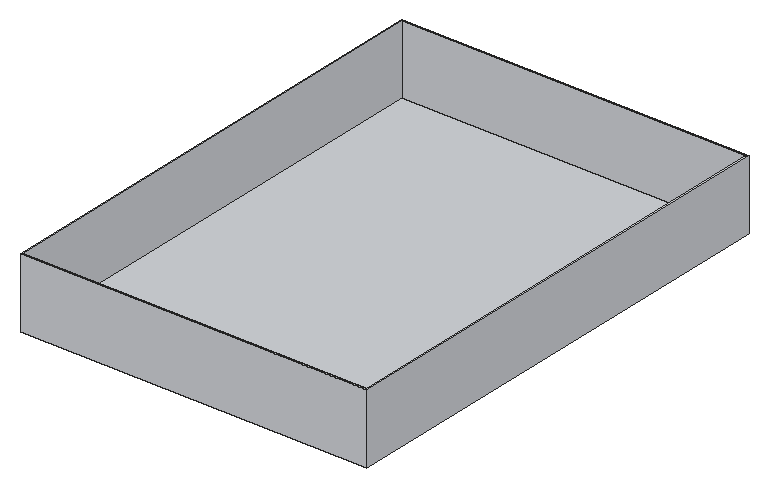
Revit family "Univers-IP44-empty-Surface_mounted-CH-en", category Electrical Equipment, host Face, Revit 2020
Family settings
  Host = Face
  Panel Configuration = Two Columns, Circuits Across
  Round Connector Dimension = Use Diameter
  Part Type = Panelboard
  Cut with Voids When Loaded = No
  Shared = No
  Room Calculation Point = No
Parameters (values of type "Surface mounted IP44 W800 H1100 D161 0 Modular spacings - FWB73D1")
  Width Control [instance] = if([HG000006 - Flush mounted], if([EF000846 - Built-in width] > min_whd, [EF000846 - Built-in width], min_whd), if([EF000008 - Width] > min_whd, ([EF000008 - Width]), min_whd))  # 800 mm
  Void Depth [instance] = if([HG000006 - Flush mounted], Depth Control, 1 mm)  # 1 mm
  Type Comments = [HG000003 - Range]  # "Univers"
  System Height [instance] = Height Control - 2 * [HG000005 - Thickness]  # 1094 mm
  Model = [HG000004 - Manufacturer reference]  # "FWB73D1"
  HG000011 - Empty rows from bottom = no
  HG000005 - Thickness = 3 mm  # constant formula
  Arrow Offset [instance] = Depth Control / 8  # 20.125 mm
  Arrow Height [instance] = Depth Control - Arrow Offset  # 140.875 mm
  Host Offset [instance] = if([HG000006 - Flush mounted], 0 mm, [EF000049 - Depth])  # 161 mm
  min_whd [instance] = (2 * [HG000005 - Thickness]) + 1 mm  # 7 mm
  Manufacturer = "Hager"  # constant formula
  Height Control [instance] = if([HG000006 - Flush mounted], if([EF000332 - Built-in height] > min_whd, [EF000332 - Built-in height], min_whd), if([EF000040 - Height] > min_whd, ([EF000040 - Height]), min_whd))  # 1100 mm
  HG000010 - Asymmetric doors = no
  HG000009 - Double swing door = no
  HG000008 - Number of empty rows = 0
  HG000007 - Number of empty columns = 0
  HG000006 - Flush mounted = no
  HG000004 - Manufacturer reference = "FWB73D1"
  HG000003 - Range = "Univers"
  HG000002 - With door or cover = no
  HG000001 - Number of columns = 0
  Flush Mounted - Door Frame Width [instance] = if(([EF000040 - Height] - [EF000332 - Built-in height]) > 0 mm, if([HG000006 - Flush mounted], [EF000040 - Height] - [EF000332 - Built-in height], 0 mm), 0 mm)  # 0 mm
  EF015941 - Signal passing door = no
  EF015777 - Neutral terminal block = no
  EF015776 - Earthing terminal block = no
  EF009212 - Cover model = "EV009916 - With notch"
  EF006306 - With lock = no
  EF006244 - Transparent cover/door = no
  EF005474 - Degree of protection (IP) = "EV006418 - IP44"
  EF004462 - Type of closure = "EV000154 - Other"
  EF002950 - Width in number of modular spacings = 0
  EF001596 - Material housing = "EV000179 - Steel"
  EF001134 - DIN-rail = no
  EF001131 - Internal depth = 160 mm
  EF001088 - Extension possible = no
  EF001062 - EMC-version = no
  EF000846 - Built-in width = 800 mm
  EF000339 - Type of cover = "EV000494 - None"
  EF000332 - Built-in height = 1100 mm
  EF000266 - Number of rows = 0
  EF000218 - Built-in depth = 161 mm
  EF000118 - With mounting plate = no
  EF000116 - RAL-number = "9010"
  EF000049 - Depth = 161 mm
  EF000040 - Height = 1100 mm
  EF000008 - Width = 800 mm
  EF000007 - Colour = "EV000202 - White"
  EF000003 - Mounting method = "EV001247 - Surface mounted/recessed mounted"
  Door_Right [instance] = yes
  Door_Left [instance] = not(Door_Right)  # no
  Door Swing Angle [instance] = 45.00°
  Door 3d Visibility [instance] = yes
  Depth Control [instance] = if([HG000006 - Flush mounted], if([EF000218 - Built-in depth] > 0 mm, [EF000218 - Built-in depth], 1 mm), if([EF000049 - Depth] > 0 mm, ([EF000049 - Depth]), 1 mm))  # 161 mm
  Default Elevation = 0 mm
  Clearance Visibility [instance] = no
Reference planes
  plane 1 "Center (Front/Back)": y = 0
  plane 2: z = 0
  plane 3 "Center (Left/Right)": x = 0
  plane 4: z = 161
  plane 5: y = 3
  plane 6: z = 156
  plane 7: y = 550
  plane 8: y = 0
  plane 9: y = 1100
  plane 10: z = 0
  plane 11: x = -400
  plane 12: x = 400
  plane 13: x = 397
  plane 14: x = -397
  plane 15: y = 1097
  plane 16: z = 3
  plane 17: z = 158
  plane 18: z = -1
  plane 19: z = 158
Forms (mm)
  Extrusion 1, solid
    sketch origin (-583.045, 0, 1219.2) x (-1, 0, 0) y (0, 0, 1)
      loop
        line (-183.045, -1058.2) -> (-983.045, -1058.2) -> (-983.045, -1219.2) -> (-183.045, -1219.2) -> (-183.045, -1058.2)
    from 0 to 1100 <- "Height Control"
  Extrusion 2, void
    sketch origin (-381.607, -4572, 161) x (0, -1, 0) y (-1, 0, 0)
      loop
        line (-5669, 15.393) -> (-5669, -778.607) -> (-4575, -778.607) -> (-4575, 15.393) -> (-5669, 15.393)
    from 0 to 158
  Extrusion 3, void
    sketch origin (0, 0, 0) x (1, 0, 0) y (0, 1, 0)
      loop
        line (-400, 0) -> (400, 0) -> (400, 1100) -> (-400, 1100) -> (-400, 0)
    from -1 to 1
  Extrusion 4, solid, detail levels coarse
    sketch origin (-381.607, -4572, 161) x (-1, 0, 0) y (0, -1, 0)
      loop
        line (15.393, -5669) -> (15.393, -4575) -> (-778.607, -4575) -> (-778.607, -5669) -> (15.393, -5669)
    from 0 to -3
Cuts and joins
  Extrusion 2 cuts Extrusion 1
Dimensions and locks
  plane 4 to plane 6 = 5 mm
  "Host Offset": plane 4 to host face
  "Flush Mounted - Door Frame Width": plane 1 "Center (Front/Back)" to plane 8
  "HG000005 - Thickness": plane 5 to plane 8
  locked: connector elem to plane 3 "Center (Left/Right)"
  "Height Control": plane 9 to plane 8
  equal spacing: plane 9, plane 7, plane 8
  locked: connector elem to plane 7
  "Depth Control": plane 4 to plane 10
  "HG000005 - Thickness": plane 11 to plane 14
  "HG000005 - Thickness": plane 12 to plane 13
  equal spacing: plane 11, plane 3 "Center (Left/Right)", plane 12
  "Width Control": plane 11 to plane 12
  "Arrow Offset": nested 4 to plane 10
  "HG000005 - Thickness": plane 9 to plane 15
  "HG000005 - Thickness": plane 16 to plane 10
  "HG000005 - Thickness": plane 4 to plane 17
  "Void Depth": plane 2 to plane 18
  "HG000005 - Thickness": plane 4 to plane 19
  aligned and locked: plane 2 to host face
  aligned and locked: level to host face
  aligned and locked: plane 3 "Center (Left/Right)" to nested 2
  aligned and locked: nested 2 to plane 4
  aligned and locked: nested 2 to plane 8
  aligned and locked: nested 1 to plane 6
  aligned and locked: nested 1 to plane 5
  aligned and locked: nested 4 to plane 11
  aligned and locked: nested 3 to plane 4
  aligned and locked: Extrusion 1 sketch curve to plane 12
  aligned and locked: Extrusion 1 sketch curve to plane 11
  aligned and locked: nested 3 to plane 10
  aligned and locked: plane 10 to Extrusion 1 sketch curve
  aligned and locked: Extrusion 2 sketch curve to plane 5
  aligned and locked: Extrusion 2 sketch curve to plane 15
  aligned and locked: Extrusion 2 sketch curve to plane 14
  aligned and locked: Extrusion 2 sketch curve to plane 13
  aligned and locked: plane 11 to Extrusion 3 sketch curve
  aligned and locked: plane 9 to Extrusion 3 sketch curve
  aligned and locked: Extrusion 3 sketch curve to plane 8
  aligned and locked: plane 12 to Extrusion 3 sketch curve
  aligned and locked: nested 3 to plane 12
  aligned and locked: Extrusion 3 to plane 18
  aligned and locked: Extrusion 2 to plane 16
  aligned and locked: Extrusion 1 sketch curve to plane 4
  aligned and locked: Extrusion 4 to plane 17
  aligned and locked: Extrusion 4 sketch curve to plane 15
  aligned and locked: Extrusion 4 sketch curve to plane 13
  aligned and locked: Extrusion 4 sketch curve to plane 14
  aligned and locked: Extrusion 4 sketch curve to plane 5
Automatic sketch dimensions
  host sketch curve to host sketch curve = 1469.727 mm
  host sketch curve to host sketch curve = 1318.837 mm
Nested families
  nested 1: "Hager_Enclosure_System" at (0, 3, 156) x (1, 0, 0) z (0, 1, 0), Depth <- "HG000005 - Thickness", Height <- "System Height", Width <- "EF000008 - Width", Border <- "HG000005 - Thickness", Flush_Mounted <- "HG000006 - Flush mounted", Built-in_Width <- "EF000846 - Built-in width", Row_Module_Multiplicator <- "EF002950 - Width in number of modular spacings", Total_No_Empty_Rows <- "HG000008 - Number of empty rows", Total_No_Rows <- "EF000266 - Number of rows", Empty_Columns <- "HG000007 - Number of empty columns", No_Rows <- "EF000266 - Number of rows", No_Columns <- "HG000001 - Number of columns", Width_Control <- "Width Control", Empty_Rows_From_Bottom <- "HG000011 - Empty rows from bottom", type "Hager_Enclosure_System", detail levels medium+fine
    with Width_Control 800 mm, Width 800 mm, Total_No_Rows 0, Total_No_Empty_Rows 0, Total_No_Columns 1, System_Width 794 mm, Rows_Column 0, Row_Module_Multiplicator 0, Panel_4 no, Panel_3 no, Panel_2 no, Panel_1 no, No_Rows 0, No_Panels_Ctrl 1, No_Columns 0, Hide_Columns yes, Height 1094 mm, Flush_Mounted no, Empty_Rows_From_Bottom no, Empty_Rows_Column 0, Empty_Columns 0, Depth 3 mm, Column_Width 794 mm, Built-in_Width 800 mm, Border 3 mm
  nested 2: "Hager_Enclosure_Door" at (0, 0, 161) x (1, 0, 0) z (0, 1, 0), Border <- "HG000005 - Thickness", Door_Right <- "Door_Right", Flush_Mounted <- "HG000006 - Flush mounted", Depth <- "EF000049 - Depth", Width <- "EF000008 - Width", Door_Left <- "Door_Left", 3d_Door <- "Door 3d Visibility", BuiltIn_Width <- "EF000846 - Built-in width", BuiltIn_Height <- "EF000332 - Built-in height", BuiltIn_Depth <- "EF000218 - Built-in depth", Angle <- "Door Swing Angle", Assymetrical <- "HG000010 - Asymmetric doors", Double <- "HG000009 - Double swing door", Clearance <- "Clearance Visibility", Transparent <- "EF006244 - Transparent cover/door", Door <- "HG000002 - With door or cover", Height_Ctrl <- "Height Control", Width_Ctrl <- "Width Control", Height <- "EF000040 - Height", type "Hager_Enclosure_Door", detail levels medium+fine
    with min_wh 7 mm, Width_Ctrl 800 mm, Width 800 mm, Transparent no, Leaf_Width 791 mm, Leaf_Tolerance 1.5 mm, Leaf_Height 1091 mm, Leaf_2_Width 791 mm, Leaf_2_Offset 395.5 mm, Leaf_1_Width 791 mm, Leaf_1_Offset 395.5 mm, Height_Ctrl 1100 mm, Height 1100 mm, Frame_Width_Ctrl 1 mm, Frame_Width 0 mm, Frame_Internal_Offset 0 mm, Frame_Height_Ctrl 1 mm, Frame_Height 0 mm, Frame_Depth_Ctrl 1 mm, Frame_Depth 0 mm, Flush_Mounted no, Double_Clearance_Ctrl no, Double no, Door_Right_Ctrl no, Door_Right yes, Door_Left_Ctrl no, Door_Left no, Door no, Depth 161 mm, Clearance_Depth 791 mm, Clearance_Ctrl no, Clearance no, BuiltIn_Width 800 mm, BuiltIn_Height 1100 mm, BuiltIn_Depth 161 mm, Border 3 mm, Assymetrical no, Angle 45.00°, 3d_Door yes
  nested 3: "Hager_Enclosure_Symbol_Triangle" at (-400, 0, 0) x (1, 0, 0) z (0, -1, 0), Depth <- "Depth Control", Width <- "Width Control", type "Hager_Enclosure_Symbol_Triangle"
    with Width_Ctrl 800 mm, Width 800 mm, Depth_Ctrl 161 mm, Depth 161 mm
  nested 4: "Hager_Enclosure_Symbol_Arrow" at (-400, 0, 20.125) x (1, 0, 0) z (0, -1, 0), Height <- "Arrow Height", type "Hager_Enclosure_Symbol_Arrow"
    with Width_Inside 10.566 mm, Width 126.788 mm, Height_Ctrl 140.875 mm, Height 140.875 mm
Connectors
  electrical at (0, 550, 0)
    settings: on plane 10, index 1, voltage 0 V, apparent load 0 VA, apparent load phase1 0 VA, apparent load phase2 0 VA, apparent load phase3 0 VA, power factor 1, load classification "Other", number of poles 1, system type 30, power factor state 1, is connector primary yes, connector utility no, sub classification motor no, connector description ""
Definition of nested family "Hager_Enclosure_Door"
  Parameters (values of type "Hager_Enclosure_Door")
    min_wh [instance] = (2 * Border) + 1 mm  # 11 mm
    Width_Ctrl [instance] = 400 mm
    Width [instance] = 500 mm
    Transparent [instance] = yes
    Leaf_Width [instance] = if((Width_Ctrl - 2 * Border - 2 * Leaf_Tolerance) > 0 mm, (Width_Ctrl - 2 * Border - 2 * Leaf_Tolerance), min_wh)  # 387 mm
    Leaf_Tolerance [instance] = 1.5 mm  # constant formula
    Leaf_Height [instance] = if((Height_Ctrl - 2 * Border - 2 * Leaf_Tolerance) > 0 mm, (Height_Ctrl - 2 * Border - 2 * Leaf_Tolerance), min_wh)  # 387 mm
    Leaf_2_Width [instance] = if(and(and(Double, Assymetrical), Door_Left), (Leaf_Width / 3) - (Leaf_Tolerance / 2), if(and(and(Double, Assymetrical), Door_Right), (Leaf_Width / 3) * 2 - (Leaf_Tolerance / 2), if(and(Double, not(Assymetrical)), (Leaf_Width / 2) - Leaf_Tolerance, Leaf_Width)))  # 192 mm
    Leaf_2_Offset [instance] = if(and(Double, Assymetrical), Leaf_2_Width / 2, if(and(Double, not(Assymetrical)), Leaf_Width / 4, Leaf_Width / 2))  # 96.75 mm
    Leaf_1_Width [instance] = if(and(and(Double, Assymetrical), Door_Right), (Leaf_Width / 3) - (Leaf_Tolerance / 2), if(and(and(Double, Assymetrical), Door_Left), (Width / 3) * 2 - (Leaf_Tolerance / 2), if(and(Double, not(Assymetrical)), (Leaf_Width / 2) - Leaf_Tolerance, Leaf_Width)))  # 192 mm
    Leaf_1_Offset [instance] = if(and(Double, Assymetrical), Leaf_1_Width / 2, if(and(Double, not(Assymetrical)), Leaf_Width / 4, Leaf_Width / 2))  # 96.75 mm
    Height_Ctrl [instance] = 400 mm
    Height [instance] = 500 mm
    Frame_Width_Ctrl [instance] = if(Frame_Width > 0 mm, Frame_Width, 1 mm)  # 1 mm
    Frame_Width [instance] = Width - BuiltIn_Width  # 0 mm
    Frame_Internal_Offset [instance] = if(Flush_Mounted, Border, 0 mm)  # 0 mm
    Frame_Height_Ctrl [instance] = if(Frame_Height > 0 mm, Frame_Height, 1 mm)  # 1 mm
    Frame_Height [instance] = Height - BuiltIn_Height  # 0 mm
    Frame_Depth_Ctrl [instance] = if(Frame_Depth > 0 mm, Frame_Depth, 1 mm)  # 1 mm
    Frame_Depth [instance] = if(Depth - BuiltIn_Depth > 0 mm, if(Flush_Mounted, Depth - BuiltIn_Depth, 0 mm), 0 mm)  # 0 mm
    Flush_Mounted [instance] = no
    Double_Clearance_Ctrl [instance] = and(Double, Clearance)  # yes
    Double [instance] = yes
    Door_Right_Ctrl [instance] = and(or(Door_Right, Double), Door)  # yes
    Door_Right [instance] = yes
    Door_Left_Ctrl [instance] = and(or(Door_Left, Double), Door)  # yes
    Door_Left [instance] = no
    Door [instance] = yes
    Depth [instance] = 500 mm
    Default Elevation = 1219.2 mm
    Clearance_Material = none
    Clearance_Depth [instance] = if(Leaf_1_Width > Leaf_2_Width, Leaf_1_Width, Leaf_2_Width)  # 192 mm
    Clearance_Ctrl [instance] = and(not(Double), Clearance)  # no
    Clearance [instance] = yes
    BuiltIn_Width [instance] = 500 mm
    BuiltIn_Height [instance] = 500 mm
    BuiltIn_Depth [instance] = 500 mm
    Border [instance] = 5 mm
    Assymetrical [instance] = no
    Angle [instance] = 65.00°
    3d_Door [instance] = yes
  Reference planes
    plane 1 "Center (Front/Back)": y = 0
    plane 2 "Bottom": z = 0
    plane 3 "Center (Left/Right)": x = 0
    plane 4: z = 400
    plane 5: x = -200
    plane 6: x = 200
    plane 7: z = 395
    plane 8: x = -195
    plane 9: z = 5
    plane 10: x = 195
    plane 11: y = 0
    plane 12: z = 6.5
    plane 13: x = -387
    plane 14: y = -192
    plane 15: x = 387
    plane 16: x = -96.75
    plane 17: x = 96.75
    plane 18: x = -193.5
    plane 19: x = 193.5
    plane 20: z = 393.5
  Forms (mm)
    Extrusion 1, solid, visible <- "Flush_Mounted"
      sketch origin (0, 0, 0) x (1, 0, 0) y (0, 0, 1)
        loop
          line (200, 0) -> (200, 400) -> (-200, 400) -> (-200, 0) -> (200, 0)
        loop
          line (-201, 401) -> (-201, -1) -> (201, -1) -> (201, 401) -> (-201, 401)
      from 0 to 1 <- "Frame_Depth_Ctrl"
    Extrusion 2, solid, material <- "Clearance_Material", visible <- "Double_Clearance_Ctrl"
      sketch origin (1200, 0, 0) x (1, 0, 0) y (0, 0, -1)
        loop
          line (-1587, -393.5) -> (-813, -393.5) -> (-813, 0) -> (-1587, 0) -> (-1587, -393.5)
      from 0 to -192
  Dimensions and locks
    equal spacing: plane 5, plane 3 "Center (Left/Right)", plane 6
    "Width_Ctrl": plane 5 to plane 6
    "Border": plane 5 to plane 8
    "Border": plane 6 to plane 10
    "Border": plane 9 to level
    "Border": plane 4 to plane 7
    "Height_Ctrl": plane 4 to level
    "Leaf_Tolerance": plane 12 to plane 9
    "Frame_Depth": plane 11 to plane 1 "Center (Front/Back)"
    "Frame_Width_Ctrl": plane 5 to Extrusion 1 sketch curve
    "Frame_Width_Ctrl": plane 6 to Extrusion 1 sketch curve
    "Frame_Width_Ctrl": Extrusion 1 sketch curve to plane 4
    "Frame_Width_Ctrl": plane 2 "Bottom" to Extrusion 1 sketch curve
    "Leaf_1_Offset": plane 18 to plane 16
    "Leaf_2_Offset": plane 17 to plane 19
    "Leaf_1_Width": plane 13 to plane 8
    "Leaf_2_Width": plane 10 to plane 15
    "Clearance_Depth": plane 14 to plane 1 "Center (Front/Back)"
    "Leaf_Tolerance": plane 8 to plane 18
    "Leaf_Tolerance": plane 19 to plane 10
    "Leaf_Tolerance": plane 7 to plane 20
    "Frame_Internal_Offset": plane 5 to Extrusion 1 sketch curve
    "Frame_Internal_Offset": Extrusion 1 sketch curve to plane 2 "Bottom"
    "Frame_Internal_Offset": plane 6 to Extrusion 1 sketch curve
    "Frame_Internal_Offset": plane 4 to Extrusion 1 sketch curve
    aligned and locked: level to plane 2 "Bottom"
    aligned and locked: nested 1 to plane 16
    aligned and locked: nested 2 to plane 17
    aligned and locked: Extrusion 2 to plane 13
    aligned and locked: plane 15 to Extrusion 2
    aligned and locked: Extrusion 2 to plane 14
    aligned and locked: plane 12 to nested 1
    aligned and locked: nested 2 to plane 12
    aligned and locked: Extrusion 2 to plane 11
    aligned and locked: plane 20 to Extrusion 2
    aligned and locked: nested 2 to plane 11
    aligned and locked: nested 1 to plane 11
  Automatic sketch dimensions
    Extrusion 2 sketch curve to level = 0 mm
    plane 5 to Extrusion 2 sketch curve = 187 mm
    plane 6 to Extrusion 2 sketch curve = 187 mm
    Extrusion 2 sketch curve to plane 4 = 6.5 mm
  Nested families
    nested 1: "Hager_Enclosure_Door_Leaf" at (-96.75, 0, 6.5), Width <- "Leaf_1_Width", visible <- "Door_Left_Ctrl", Leaf_Height <- "Leaf_Height", Angle <- "Angle", Depth <- "Border", 3d_Door <- "3d_Door", Transparent <- "Transparent", Clearance Material <- "Clearance_Material", Clearance <- "Clearance_Ctrl", type "Hager_Enclosure_Door_Leaf"
      with Width 192 mm, Transparent_Door_Border 25 mm, Transparent_Ctrl yes, Transparent yes, Standard no, Leaf_Height 387 mm, Glass_Offset 1 mm, Depth 5 mm, Clearance Material none, Clearance no, Angle_Ctrl 65.00°, Angle 65.00°, 3d_Door yes
    nested 2: "Hager_Enclosure_Door_Leaf" at (96.75, 0, 6.5) x (-1, 0, 0) z (0, 0, 1), Width <- "Leaf_2_Width", visible <- "Door_Right_Ctrl", Leaf_Height <- "Leaf_Height", Angle <- "Angle", Depth <- "Border", 3d_Door <- "3d_Door", Transparent <- "Transparent", Clearance Material <- "Clearance_Material", Clearance <- "Clearance_Ctrl", type "Hager_Enclosure_Door_Leaf"
      with Width 192 mm, Transparent_Door_Border 25 mm, Transparent_Ctrl yes, Transparent yes, Standard no, Leaf_Height 387 mm, Glass_Offset 1 mm, Depth 5 mm, Clearance Material none, Clearance no, Angle_Ctrl 65.00°, Angle 65.00°, 3d_Door yes
  Definition of nested family "Hager_Enclosure_Door_Leaf"
    Parameters (values of type "Hager_Enclosure_Door_Leaf")
      Width [instance] = 200 mm
      Transparent_Door_Border [instance] = 25 mm  # constant formula
      Transparent_Ctrl [instance] = and(Transparent, [3d_Door])  # yes
      Transparent [instance] = yes
      Standard [instance] = and(not(Transparent), [3d_Door])  # no
      Leaf_Height [instance] = 500 mm
      Glass_Offset [instance] = if((Depth - 10 mm) / 2 > 0 mm, (Depth - 10 mm) / 2, 1 mm)  # 1 mm
      Glass_Material = none
      Depth [instance] = 3 mm
      Default Elevation = 0 mm
      Clearance Material [instance] = none
      Clearance [instance] = no
      Angle_Ctrl [instance] = if(Angle > 170.00°, 170.00°, Angle)  # 163.00°
      Angle [instance] = 163.00°
      3d_Door [instance] = yes
    Reference planes
      plane 1 "Center (Front/Back)": y = 0
      plane 2: z = 0
      plane 3 "Center (Left/Right)": x = 0
      plane 4: y = 200
      plane 5: x = -100
      plane 6: x = 100
      plane 7: x = -300
      plane 8: z = 500
      plane 9: z = 25
      plane 10: z = 475
      plane 11: x = 75
      plane 12: x = -75
    Forms (mm)
      Extrusion 1, solid, material <- "Clearance Material", visible <- "Clearance"
        sketch origin (0, 0, 0) x (1, 0, 0) y (0, 0, 1)
          loop
            line (-300, 500) -> (-300, 0) -> (100, 0) -> (100, 500) -> (-300, 500)
        from 0 to -200
      Extrusion 2, solid, visible <- "Standard", detail levels fine
        sketch origin (-100, 0, 0) x (-0.956305, 0.292372, 0) y (-0.292372, -0.956305, 0)
          loop
            line (0, -3) -> (200, -3) -> (200, 0) -> (0, 0) -> (0, -3)
        from 0 to 500 <- "Leaf_Height"
      Extrusion 3, solid, visible <- "Transparent_Ctrl", detail levels fine
        sketch origin (-100, 0, 0) x (-0.956305, 0.292372, 0) y (-0.292372, -0.956305, 0)
          loop
            line (0, -3) -> (200, -3) -> (200, 0) -> (0, 0) -> (0, -3)
        from 0 to 500 <- "Leaf_Height"
      Extrusion 4, void, detail levels fine
        sketch origin (-100, 0, 0) x (-0.292372, -0.956305, 0) y (-0.956305, 0.292372, 0)
          loop
            line (0, 25) -> (0, 175) -> (-3, 175) -> (-3, 25) -> (0, 25)
        from -475 to -25
      Extrusion 5, solid, material <- "Glass_Material", visible <- "Transparent_Ctrl", detail levels fine
        sketch origin (-100, 0, 0) x (-0.956305, 0.292372, 0) y (-0.292372, -0.956305, 0)
          loop
            line (25, -1) -> (25, -2) -> (175, -2) -> (175, -1) -> (25, -1)
        from 25 to 475
    Cuts and joins
      Extrusion 4 cuts Extrusion 3
    Lines and regions (mm)
      symbolic lines
        curve 1: line (100, 0, 0) -> (-300, 0, 0)
        curve 2: arc (100, 0, 0) -> (-100, 200, 0) -> (-300, 0, 0) r 200
        curve 4: line (-100, 0, 0) -> (-291.261, 58.474, 0)
      reference lines
        curve 3: line (-100, 0, 0) -> (-291.261, 58.474, 0)
      symbolic lines, detail levels medium+fine
        curve 5: line (-291.261, 58.474, 0) -> (-290.384, 61.343, 0)
        curve 6: line (-290.384, 61.343, 0) -> (-99.123, 2.869, 0)
        curve 7: line (-99.123, 2.869, 0) -> (-100, 0, 0)
      symbolic lines, detail levels fine
        curve 8: line (-100, 0, 500) -> (100, 0, 500)
        curve 9: line (-100, 0, 0) -> (-100, 0, 500)
        curve 10: line (100, 0, 0) -> (-100, 0, 0)
        curve 11: line (100, 0, 500) -> (100, 0, 0)
      symbolic lines, visible <- "Transparent_Ctrl", detail levels fine
        curve 12: line (-75, 0, 475) -> (75, 0, 475)
        curve 13: line (-75, 0, 25) -> (-75, 0, 475)
        curve 14: line (75, 0, 25) -> (-75, 0, 25)
        curve 15: line (75, 0, 475) -> (75, 0, 25)
    Dimensions and locks
      "Width": plane 1 "Center (Front/Back)" to plane 4
      equal spacing: plane 5, plane 3 "Center (Left/Right)", plane 6
      "Width": plane 5 to plane 6
      "Width": plane 7 to plane 5
      "Leaf_Height": plane 8 to level
      "Depth": curve 6 to curve 3
      "Width": curve 5 to curve 3
      "Width": curve 3 to curve 3
      "Transparent_Door_Border": Extrusion 4 sketch curve to curve 7
      "Transparent_Door_Border": Extrusion 4 sketch curve to curve 5
      "Transparent_Door_Border": plane 8 to plane 10
      "Transparent_Door_Border": plane 9 to level
      "Glass_Offset": Extrusion 5 sketch curve to curve 4
      "Glass_Offset": Extrusion 5 sketch curve to curve 6
      "Transparent_Door_Border": Extrusion 5 sketch curve to curve 5
      "Transparent_Door_Border": Extrusion 5 sketch curve to curve 7
      "Transparent_Door_Border": plane 12 to plane 5
      "Transparent_Door_Border": plane 6 to plane 11
      "Angle_Ctrl": angle plane 1 "Center (Front/Back)" to curve 3
      aligned and locked: level to plane 2
      aligned and locked: Extrusion 1 to curve 1
      aligned and locked: plane 6 to Extrusion 1
      aligned and locked: plane 1 "Center (Front/Back)" to Extrusion 1
      aligned and locked: plane 4 to Extrusion 1
      aligned and locked: plane 8 to Extrusion 1
      aligned and locked: curve 4 to curve 3
      aligned and locked: Extrusion 2 sketch curve to curve 7
      aligned and locked: Extrusion 2 sketch curve to curve 6
      aligned and locked: Extrusion 2 sketch curve to curve 5
      aligned and locked: Extrusion 2 sketch curve to curve 3
      aligned and locked: curve 7 to Extrusion 3 sketch curve
      aligned and locked: Extrusion 3 sketch curve to curve 4
      aligned and locked: Extrusion 3 sketch curve to curve 6
      aligned and locked: Extrusion 3 sketch curve to curve 5
      aligned and locked: curve 4 to Extrusion 4 sketch curve
      aligned and locked: curve 6 to Extrusion 4 sketch curve
      aligned and locked: Extrusion 4 to plane 9
      aligned and locked: Extrusion 4 to plane 10
      aligned and locked: Extrusion 5 to plane 9
      aligned and locked: Extrusion 5 to plane 10
      aligned and locked: curve 8 to plane 8
      aligned and locked: plane 5 to curve 9
      aligned and locked: plane 2 to curve 10
      aligned and locked: curve 11 to plane 6
      aligned and locked: plane 10 to curve 12
      aligned and locked: plane 12 to curve 13
      aligned and locked: plane 9 to curve 14
      aligned and locked: plane 11 to curve 15
    Automatic sketch dimensions
      plane 1 "Center (Front/Back)" to curve 2 = 0 mm
      curve 2 to plane 5 = 0 mm
      Extrusion 1 sketch curve to level = 0 mm
      Extrusion 1 sketch curve to plane 7 = 0 mm
      Extrusion 1 sketch curve to plane 6 = 0 mm
      Extrusion 1 sketch curve to plane 8 = 0 mm
      plane 1 "Center (Front/Back)" to curve 3 = 0 mm
      curve 3 to plane 5 = 0 mm
      curve 7 to curve 3 = 0 mm
Definition of nested family "Hager_Enclosure_Symbol_Triangle"
  Parameters (values of type "Hager_Enclosure_Symbol_Triangle")
    Width_Ctrl [instance] = if(Width > 1 mm, Width, 1 mm)  # 498 mm
    Width [instance] = 498 mm
    Depth_Ctrl [instance] = if(Depth > 1 mm, Depth, 1 mm)  # 72 mm
    Depth [instance] = 72 mm
  Reference planes
    plane 1 "Centre (avant/arrière)": y = 0
    plane 2: z = 0
    plane 3 "Centre (gauche/droite)": x = 0
  Lines and regions (mm)
    Filled region 1, type "Solid_Black", in view "Niveau de réf."
      outline origin (0, 0, 0) x (1, 0, 0) y (0, 1, 0)
        loop
          line (0, 0) -> (498, 0) -> (498, 72) -> (0, 0)
    reference lines, in view "Niveau de réf."
      curve 1: line (-206.153, 72, 0) -> (1083.258, 72, 0)
      curve 2: line (498, 405.456, 0) -> (498, -517.619, 0)
  Dimensions and locks
    "Depth_Ctrl": plane 1 "Centre (avant/arrière)" to curve 1
    "Width_Ctrl": plane 3 "Centre (gauche/droite)" to curve 2
    aligned and locked: curve 1 to Filled region 1 sketch curve
    aligned and locked: Filled region 1 sketch curve to plane 1 "Centre (avant/arrière)"
    aligned and locked: curve 2 to Filled region 1 sketch curve
    aligned and locked: plane 3 "Centre (gauche/droite)" to Filled region 1 sketch curve
    aligned and locked: plane 1 "Centre (avant/arrière)" to Filled region 1 sketch curve
  Automatic sketch dimensions
    curve 1 to plane 3 "Centre (gauche/droite)" = 206.153 mm
    curve 2 to curve 1 = 585.258 mm
    plane 1 "Centre (avant/arrière)" to curve 2 = 517.619 mm
    curve 2 to plane 1 "Centre (avant/arrière)" = 405.456 mm
Definition of nested family "Hager_Enclosure_Symbol_Arrow"
  Parameters (values of type "Hager_Enclosure_Symbol_Arrow")
    Width_Inside [instance] = if(Width / 12 > 2 mm, Width / 12, 2 mm)  # 4.987 mm
    Width [instance] = if(Height_Ctrl * 0.9 > 2 mm, Height_Ctrl * 0.9, 2 mm)  # 59.85 mm
    Height_Ctrl [instance] = if(Height > 2 mm, Height, 2 mm)  # 66.5 mm
    Height [instance] = 66.5 mm
  Reference planes
    plane 1 "Centre (avant/arrière)": y = 0
    plane 2: z = 0
    plane 3 "Centre (gauche/droite)": x = 0
    plane 4: x = 59.85
    plane 5: y = 28.263
    plane 6: y = 38.238
    plane 7: y = 66.5
    plane 8: x = 29.925
    plane 9: y = 33.25
  Lines and regions (mm)
    Filled region 1, type "Solid_Black", in view "Niveau de réf."
      outline origin (0, 0, 0) x (1, 0, 0) y (0, 1, 0)
        loop
          line (59.85, 66.5) -> (37.929, 52.827) -> (51.846, 41.935) -> (59.85, 66.5)
    detail lines, in view "Niveau de réf."
      curve 1: line (0, 0, 0) -> (29.925, 38.238, 0)
      curve 2: line (29.925, 38.238, 0) -> (29.925, 28.263, 0)
      curve 3: line (29.925, 28.263, 0) -> (59.85, 66.5, 0)
  Dimensions and locks
    "Width": plane 3 "Centre (gauche/droite)" to plane 4
    "Height_Ctrl": plane 7 to plane 1 "Centre (avant/arrière)"
    equal spacing: plane 3 "Centre (gauche/droite)", plane 8, plane 4
    equal spacing: plane 7, plane 9, plane 1 "Centre (avant/arrière)"
    equal spacing: plane 6, plane 9, plane 5
    "Width_Inside": plane 6 to plane 9
    equal spacing: curve 3, Filled region 1 sketch curve, Filled region 1 sketch curve
    angle Filled region 1 sketch curve to curve 3 = 20.00°
    angle curve 3 to Filled region 1 sketch curve = 20.00°
    locked: curve 3 to Filled region 1 sketch curve (angle 90.00°)
  Automatic sketch dimensions
    plane 1 "Centre (avant/arrière)" to curve 1 = 0 mm
    curve 1 to plane 3 "Centre (gauche/droite)" = 0 mm
    curve 2 to plane 6 = 0 mm
    curve 3 to plane 8 = 0 mm
    curve 3 to plane 4 = 0 mm
    curve 2 to plane 5 = 0 mm
    curve 3 to plane 7 = 0 mm
    Filled region 1 sketch curve to plane 4 = 0 mm
    Filled region 1 sketch curve to plane 7 = 0 mm
